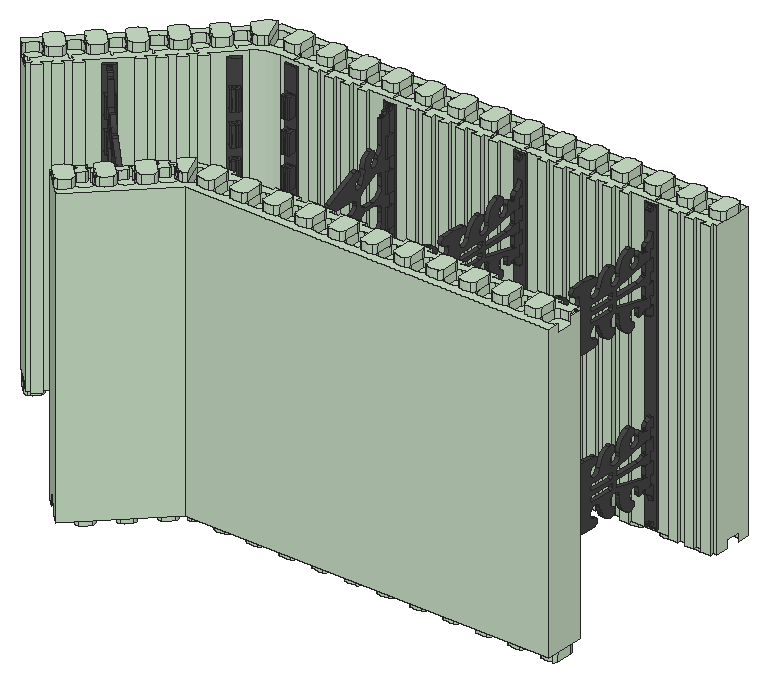
Revit family (continued)
Definition of nested family "NUDURA Diamond Pattern Missing one line"
  Lines and regions (mm)
    model lines
      curve 118: line (87.428, -142.875, 166.96) -> (96.953, -142.875, 157.435)
      curve 119: arc (96.953, -142.875, 157.435) -> (101.444, -142.875, 155.575) -> (105.934, -142.875, 157.435) r 6.35
      curve 120: line (105.934, -142.875, 157.435) -> (115.459, -142.875, 166.96)
      curve 121: arc (115.459, -142.875, 166.96) -> (117.319, -142.875, 171.45) -> (115.459, -142.875, 175.94) r 6.35
      curve 122: line (115.459, -142.875, 175.94) -> (105.934, -142.875, 185.465)
      curve 123: arc (93.906, -142.875, 148.808) -> (95.394, -142.875, 152.4) -> (93.906, -142.875, 155.992) r 5.08
      curve 124: line (117.704, -142.875, 140.085) -> (108.981, -142.875, 148.808)
      curve 125: arc (117.704, -142.875, 126.615) -> (120.494, -142.875, 133.35) -> (117.704, -142.875, 140.085) r 9.525
      curve 126: line (108.981, -142.875, 117.892) -> (117.704, -142.875, 126.615)
      curve 127: line (85.183, -142.875, 126.615) -> (93.906, -142.875, 117.892)
      curve 128: arc (85.183, -142.875, 140.085) -> (82.394, -142.875, 133.35) -> (85.183, -142.875, 126.615) r 9.525
      curve 129: line (93.906, -142.875, 148.808) -> (85.183, -142.875, 140.085)
      curve 130: arc (105.934, -142.875, 147.365) -> (101.444, -142.875, 149.225) -> (96.953, -142.875, 147.365) r 6.35
      curve 131: line (96.953, -142.875, 147.365) -> (87.428, -142.875, 137.84)
      curve 132: arc (87.428, -142.875, 137.84) -> (85.569, -142.875, 133.35) -> (87.428, -142.875, 128.86) r 6.35
      curve 133: line (87.428, -142.875, 128.86) -> (96.953, -142.875, 119.335)
      curve 134: arc (96.953, -142.875, 119.335) -> (101.444, -142.875, 117.475) -> (105.934, -142.875, 119.335) r 6.35
      curve 135: line (105.934, -142.875, 119.335) -> (115.459, -142.875, 128.86)
      curve 136: arc (115.459, -142.875, 128.86) -> (117.319, -142.875, 133.35) -> (115.459, -142.875, 137.84) r 6.35
      curve 137: line (115.459, -142.875, 137.84) -> (105.934, -142.875, 147.365)
      curve 138: arc (93.906, -142.875, 110.708) -> (95.394, -142.875, 114.3) -> (93.906, -142.875, 117.892) r 5.08
      curve 139: line (117.704, -142.875, 101.985) -> (108.981, -142.875, 110.708)
      curve 140: arc (117.704, -142.875, 88.515) -> (120.494, -142.875, 95.25) -> (117.704, -142.875, 101.985) r 9.525
      curve 141: line (108.981, -142.875, 79.792) -> (117.704, -142.875, 88.515)
      curve 142: line (85.183, -142.875, 88.515) -> (93.906, -142.875, 79.792)
      curve 143: arc (85.183, -142.875, 101.985) -> (82.394, -142.875, 95.25) -> (85.183, -142.875, 88.515) r 9.525
      curve 144: line (93.906, -142.875, 110.708) -> (85.183, -142.875, 101.985)
      curve 145: arc (105.934, -142.875, 109.265) -> (101.444, -142.875, 111.125) -> (96.953, -142.875, 109.265) r 6.35
      curve 146: line (96.953, -142.875, 109.265) -> (87.428, -142.875, 99.74)
      curve 147: arc (87.428, -142.875, 99.74) -> (85.569, -142.875, 95.25) -> (87.428, -142.875, 90.76) r 6.35
      curve 148: line (87.428, -142.875, 90.76) -> (96.953, -142.875, 81.235)
      curve 149: arc (96.953, -142.875, 81.235) -> (101.444, -142.875, 79.375) -> (105.934, -142.875, 81.235) r 6.35
      curve 150: line (105.934, -142.875, 81.235) -> (115.459, -142.875, 90.76)
      curve 151: arc (115.459, -142.875, 90.76) -> (117.319, -142.875, 95.25) -> (115.459, -142.875, 99.74) r 6.35
      curve 152: line (115.459, -142.875, 99.74) -> (105.934, -142.875, 109.265)
      curve 153: arc (93.906, -142.875, 72.608) -> (95.394, -142.875, 76.2) -> (93.906, -142.875, 79.792) r 5.08
      curve 154: line (117.704, -142.875, 63.885) -> (108.981, -142.875, 72.608)
      curve 155: arc (117.704, -142.875, 50.415) -> (120.494, -142.875, 57.15) -> (117.704, -142.875, 63.885) r 9.525
      curve 156: line (108.981, -142.875, 41.692) -> (117.704, -142.875, 50.415)
      curve 157: line (85.183, -142.875, 50.415) -> (93.906, -142.875, 41.692)
      curve 158: arc (85.183, -142.875, 63.885) -> (82.394, -142.875, 57.15) -> (85.183, -142.875, 50.415) r 9.525
      curve 159: line (93.906, -142.875, 72.608) -> (85.183, -142.875, 63.885)
      curve 160: arc (105.934, -142.875, 71.165) -> (101.444, -142.875, 73.025) -> (96.953, -142.875, 71.165) r 6.35
      curve 161: line (96.953, -142.875, 71.165) -> (87.428, -142.875, 61.64)
      curve 162: arc (87.428, -142.875, 61.64) -> (85.569, -142.875, 57.15) -> (87.428, -142.875, 52.66) r 6.35
      curve 163: line (87.428, -142.875, 52.66) -> (96.953, -142.875, 43.135)
      curve 164: arc (96.953, -142.875, 43.135) -> (101.444, -142.875, 41.275) -> (105.934, -142.875, 43.135) r 6.35
      curve 165: line (105.934, -142.875, 43.135) -> (115.459, -142.875, 52.66)
      curve 166: arc (115.459, -142.875, 52.66) -> (117.319, -142.875, 57.15) -> (115.459, -142.875, 61.64) r 6.35
      curve 167: line (115.459, -142.875, 61.64) -> (105.934, -142.875, 71.165)
      curve 168: arc (93.906, -142.875, 34.508) -> (95.394, -142.875, 38.1) -> (93.906, -142.875, 41.692) r 5.08
      curve 169: line (93.906, -142.875, 34.508) -> (85.183, -142.875, 25.785)
      curve 170: arc (85.183, -142.875, 25.785) -> (82.394, -142.875, 19.05) -> (85.183, -142.875, 12.315) r 9.525
      curve 171: line (85.183, -142.875, 12.315) -> (94.708, -142.875, 2.79)
      curve 172: arc (94.708, -142.875, 2.79) -> (101.444, -142.875, 0) -> (108.179, -142.875, 2.79) r 9.525
      curve 173: line (108.179, -142.875, 2.79) -> (117.704, -142.875, 12.315)
      curve 174: arc (117.704, -142.875, 12.315) -> (120.494, -142.875, 19.05) -> (117.704, -142.875, 25.785) r 9.525
      curve 175: line (117.704, -142.875, 25.785) -> (108.981, -142.875, 34.508)
      curve 176: arc (108.981, -142.875, 41.692) -> (107.493, -142.875, 38.1) -> (108.981, -142.875, 34.508) r 5.08
      curve 177: arc (105.934, -142.875, 33.065) -> (101.444, -142.875, 34.925) -> (96.953, -142.875, 33.065) r 6.35
      curve 178: line (115.459, -142.875, 23.54) -> (105.934, -142.875, 33.065)
      curve 179: arc (115.459, -142.875, 14.56) -> (117.319, -142.875, 19.05) -> (115.459, -142.875, 23.54) r 6.35
      curve 180: line (105.934, -142.875, 5.035) -> (115.459, -142.875, 14.56)
      curve 181: arc (96.953, -142.875, 5.035) -> (101.444, -142.875, 3.175) -> (105.934, -142.875, 5.035) r 6.35
      curve 182: line (87.428, -142.875, 14.56) -> (96.953, -142.875, 5.035)
      curve 183: arc (87.428, -142.875, 23.54) -> (85.569, -142.875, 19.05) -> (87.428, -142.875, 14.56) r 6.35
      curve 184: line (96.953, -142.875, 33.065) -> (87.428, -142.875, 23.54)
      curve 185: arc (108.981, -142.875, 79.792) -> (107.493, -142.875, 76.2) -> (108.981, -142.875, 72.608) r 5.08
      curve 186: arc (108.981, -142.875, 117.892) -> (107.493, -142.875, 114.3) -> (108.981, -142.875, 110.708) r 5.08
      curve 187: arc (108.981, -142.875, 155.992) -> (107.493, -142.875, 152.4) -> (108.981, -142.875, 148.808) r 5.08
      curve 188: arc (108.981, -142.875, 194.092) -> (107.493, -142.875, 190.5) -> (108.981, -142.875, 186.908) r 5.08
      curve 189: arc (108.981, -142.875, 232.192) -> (107.493, -142.875, 228.6) -> (108.981, -142.875, 225.008) r 5.08
      curve 190: arc (108.981, -142.875, 270.292) -> (107.493, -142.875, 266.7) -> (108.981, -142.875, 263.108) r 5.08
      curve 191: arc (108.981, -142.875, 308.392) -> (107.493, -142.875, 304.8) -> (108.981, -142.875, 301.208) r 5.08
      curve 192: arc (108.981, -142.875, 346.492) -> (107.493, -142.875, 342.9) -> (108.981, -142.875, 339.308) r 5.08
      curve 193: arc (108.981, -142.875, 384.592) -> (107.493, -142.875, 381) -> (108.981, -142.875, 377.408) r 5.08
      curve 194: arc (108.981, -142.875, 422.692) -> (107.493, -142.875, 419.1) -> (108.981, -142.875, 415.508) r 5.08
